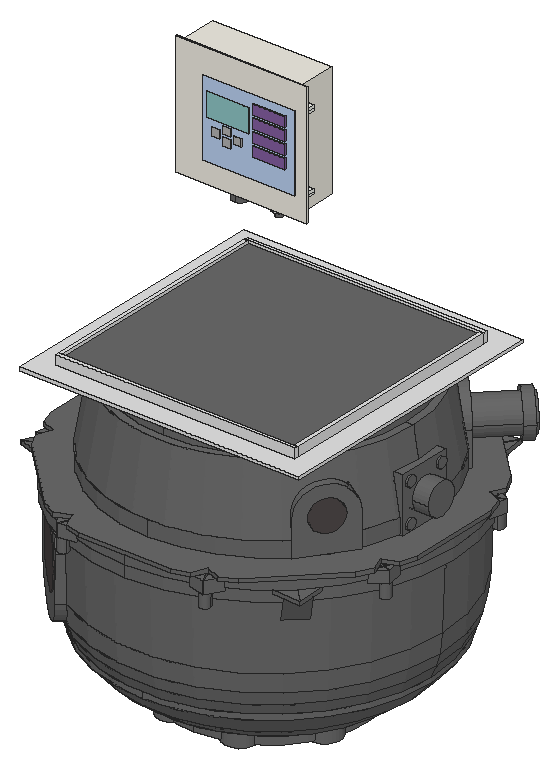
Revit family "280550s (200)", category Generic Models, Revit 2021
Family settings
  Can host rebar = No
  Round Connector Dimension = Use Diameter
  Part Type = Normal
  Work Plane-Based = No
  Always vertical = Yes
  Cut with Voids When Loaded = No
  Shared = Yes
  Room Calculation Point = No
Parameters (values of type "280550S")
  SUPPLIER = "KESSEL"
  SA700ID50 = "internal"
  SA700ID49 = "Protection Class I"
  SA700ID48 = "no"
  SA700ID47 = "no"
  SA700ID46 = "yes"
  SA700ID37 = 8000 mm
  SA700ID34 = 12
  SA700ID33 = 0.5 W
  SA700ID32 = 17.31 kg
  SA700ID31 = 1
  SA700ID30 = 1
  SA700ID29 = "RWDR"
  SA700ID21 = 800
  SA700ID10 = "No"
  SA700ID08 = 230 V
  PROCUREWEBLINK = "https://p.caden.as/kessel/280550S"
  PROCURELINK = "p.caden.as/kessel/280550S"
  PROCUREDATALASTUPDATE = "2024-05-22T12:17:25.082586226+01:00"
  PRC_SPECIFICATIONLINK = "https://ausschreiben.de/catalog/kessel/catalogItem/5d98f284-5297-4169-bd2e-c9a9cff749b9"
  NN = "Lifting station Aqualift S compact"
  NBSYN = "$SA810ID03. ($LODLEVEL.)"
  NB = "280550S (200)"
  Model = "280550S"
  Manufacturer = "KESSEL"
  MIdent = "{$CADENAS_DATA/23d-libs/kessel/kessel_vdi_import/4/entwaesserung/hebeanlage20aqualift20s20compact.prj},216 {STYP=ASS},{VTYP=3D},{NB=280550S (200)},{LINA=280550S},{NN=Lifting station Aqualift S compact},{DATE=21.11.2022 10:40:35},{GEOMDATE=21.11.2022 10:40:35},{VERSION=},{LINEID=120},{WBVAR=LODLEVEL},{WBNUMERIC=LODLEVEL}  {NB=280550S (200)},{LINA=280550S},{KT=DUMMY},{PREVIEW=../../bilder/ksb_w_280550s.png},{SA700ID04=Hebeanlage Aqualift S Compact, Tronic, GTF 500, Bodenplatte},{SA810ID06=04026092082645},{SA700ID34=12.00},{SA010ID03=201805},{SA810ID03=280550S},{SA810ID10=Die steckerfertige Hebeanlage für fäkalienfreies Abwasser ist mit einer überflutbaren Pumpe sowie einem Rückflussverhinderer ausgestattet. Der Sammelbehälter aus dauerhaft beständigem Kunststoff (PE) besitzt einen offenen Pumpenraum. Einhandverschlüsse ermöglichen die einfache Entnahme der integrierten Komponenten. Die Anlage zum Einbau in die Bodenplatte ist vormontiert zur bauseitigen Endmontage.Die Steuerung erfolgt durch ein anwenderfreundliches Schaltgerät, das optional über einen potentialfreien Kontakt in die Gebäudeleittechnik eingebunden werden oder Alarm- und Sammelstörmeldungen über eine GSM-Schnittstelle ausgeben kann.- mit teleskopischem Aufsatzstück für stufenlosen Höhen- und Niveauausgleich und integriertem Bodenablauf- Sammelbehälter aus PE, beständig gegen aggressive Abwässer und 3 m Grundwasser- inklusive Rückflussverhinderer für die Druckleitung- inklusive Stutzen für Zulauf und Kabelleerrohr- Pumpe mit Freistromrad für höchste BetriebssicherheitAusführung:Anlagenart: EinzelanlagePumpensteuerung: SchaltgerätRückflussverhinderer: integriertAuslieferungszustand: installationsfertig (Verbindungsteile sind bauseits anzuschließen)Einbausituation: Einbau in die BodenplatteAbwasserart: fäkalienfreiAllgemeine Merkmale:Farbe: schwarzNorm: EN 12050-2Abmessungen:Länge: 617 mmBreite: 585 mmBehälter/Grundkörper:Zulauf Nennweite (DN): 100 mmDruckabgang (DN): 32 mmDruckabgang (DA): 40 mmEinbautiefe: 490 - 620 mmNutzvolumen: 20 lArt der Höhenverstellbarkeit: teleskopisches AufsatzstückAbdeckungsmerkmale:Abdeckungsart: Abdeckplatte mit SchlitzrostAbdeckung Material: KunststoffAbdeckung Farbe: schwarzBelastungsklasse: K 3 (EN 1253-1)Länge: 366 mmBreite: 366 mmVerriegelung: Lock & LiftFreier Kugeldurchgang: 10 mmFördereinrichtung:Pumpe: GTF 500Anzahl Pumpen: 1Förderleistung max.: 10 m3/hFörderhöhe max.: 8 mBetriebsspannung: 230 VNetzfrequenz: 50 HzBetriebsart: S1Leistung P1: 0,6 kWLeistung P2: 0,36 kWDrehzahl: 2.800 U/minErforderliche Absicherung (Leitungsschutz): C 16 AFörderguttemperatur (dauerhaft) max.: 40 °CAnschlusstyp: codierter SteckerLaufrad Typ: FreistromradLänge Netzanschlussleitung Pumpe: 5 mNennstrom: 2,7 ASchutzart Pumpe: IP 68 (3m)Typ Anschlussleitung Pumpe: H07RN-F 3G 1,0 mm2Temperaturüberwachung: integriertSteuerung:Schaltgerät: ComfortBetriebsspannung: 230 VSelbstdiagnosesystem (SDS): jaBatteriepufferung: jaMehrzeilige Displayanzeige: jaLogbuchfunktion: jaUSB-Schnittstelle: jaGSM-Schnittstelle: jaPotentialfreier Kontakt: optionalSchutzart Schaltgerät: IP 54Länge Netzanschlussleitung Schaltgerät: 1,4 mArt Niveauerfassung: pneumatischInstrument Niveauerfassung: TauchrohrAlarmgeber: optische Sonde},{SA700ID37=8.00},{SA700ID33=0.50},{SA700ID08=230},{SA700ID30=1},{SA700ID32=17.31},{SA700ID49=Schutzklasse I},{SA700ID50=intern},{SA200ID03=6},{SA250ID03=vertikal},{SA260ID03=Trockenläuferpumpe},{SA350ID03=normalansaugend},{SA400ID03=E-Motor für Wechselstrom},{SA460ID03=direkt},{SA500ID03=Kunststoff, Edelstahl},{SA700ID06=32},{SA700ID07=100},{SA700ID09=1/N/PE 230V },{SA700ID10=Nein},{SA700ID11=50},{SA700ID12=IP 68},{SA700ID13=F},{SA700ID15=35},{SA700ID21=800.00},{SA700ID22=0.36},{SA700ID23=2800},{SA700ID24=2800},{SA700ID26=2.50},{SA700ID27=6.90},{SA700ID28=durchgehend},{SA700ID29=RWDR},{SA700ID31=1},{SA700ID46=ja},{SA700ID47=nein},{SA700ID48=nein},{SA110ID04=Hebeanlage Aqualift S Compact},{SA300ID03=einstufig},{SA700ID44=10.00},{SA700ID45=10.00},{SA010ID04=KESSEL AG},{LODLEVEL=200},{LINK=https://www.kessel.de/info?han=280550S},{SA970ID01=970},{SA970ID02=14061},{SA970ID03=280550S},{SA970ID04=11002617},{SA970ID05=QUAD},{SA970ID06=-326},{SA970ID07=-291.04},{SA970ID08=0},{SA970ID09=1},{SA970ID10=0},{SA970ID11=0},{SA970ID12=0},{SA970ID13=1},{SA970ID14=0},{SA970ID15=617.04},{SA970ID16=582.09},{SA970ID17=488.5},{LODLEVEL_=200,'Low'},{LODLEVEL_DEU=200,'Low'},{LINK_=https://www.kessel.de/info?han=280550S},{LINK_DEU=https://www.kessel.de/info?han=280550S},{LODLEVEL_3DB=280550S_200},{DNIN1=100},{DNIN2=125},{DNIN3=100},{DNIN4=100},{DNOUT1=70},{DNOUT2=32},{ISD1=60},{ISD2=10},{ISD3=10},{SA010ID01=010},{SA010ID02=4},{SA010ID06=www.kessel.de},{SA010ID07=www.kessel.de},{SA010ID12=20180713},{SA010ID13=DEU},{SA010ID14=DE},{SA100ID01=100},{SA100ID02=4},{SA100ID04=Entwässerung},{SA110ID01=110},{SA110ID02=30},{SA200ID01=200},{SA200ID02=6},{SA250ID01=250},{SA250ID02=2},{SA260ID01=260},{SA260ID02=2},{SA300ID01=300},{SA300ID02=1},{SA350ID01=350},{SA350ID02=1},{SA400ID01=400},{SA400ID02=1},{SA460ID01=460},{SA460ID02=1},{SA500ID01=500},{SA500ID02=1},{SA700ID01=700},{SA700ID02=194},{SA700ID10_=0},{SA700ID16=0},{SA700ID25=0},{SA700ID46_=1},{SA700ID47_=0},{SA700ID48_=0},{SA700ID49_=1},{SA700ID50_=2},{SA800ID01=800},{SA800ID02=9},{SA810ID01=810},{SA810ID02=194},{SA810ID04=280550S},{SA810ID07=194},{SA810ID09=1},{SA810ID14=PCE},{SA810ID15=1},{SA810ID16=NMP},{SA960ID03=194},{SA960ID04=3L},{SA960ID08=https://www.kessel.de/info?han=280550S},{SA010ID08=4026092000007},{SA100ID05=Hebeanlage},{SA110ID06=Hebeanlage}"
  LINK = "https://www.kessel.de/info?han=280550S"
  LINA = "280550S"
  Default Elevation = 0 mm
  CREATOR = "CADENAS GmbH"
  CATALOG = "KESSEL"
  BOMINFO = "LINA"
  ARTICLENO = "NB"
  4.810.00.9 Order quantity (multiplicator) = "1"
  4.810.00.7 Media- connection number = "194"
  4.810.00.6 GTIN number = "04026092082645"
  4.810.00.4 DATANORM number = "280550S"
  4.810.00.3 Producer order number = "280550S"
  4.710.03.7 Mass (net) = 17.31 kg
  4.710.03.6 Height = 490 mm
  4.710.03.5 Width = 580 mm
  4.710.03.4 Length = 620 mm
  4.710.03.3 Type of dimensions = "2"
  4.710.02.8 Area of application of wastewater pump = "2"
  4.710.02.6 Duty type = "S1"
  4.710.02.5 Cutting device = "0"
  4.710.02.4 Attached pump control = "1"
  4.710.02.3 Free passage = 10 mm
  4.710.01.6 Option to connect to building automation = "10"
  4.710.01.5 Load regulation = "0"
  4.710.01.4 Designation of closed-loop control = "20"
  4.700.00.9 Voltage = 0
  4.700.00.8 Nominal connection size on suction side = "100"
  4.700.00.7 Nominal connection size on pressure side = "100"
  4.700.00.6 Type of connection = "32"
  4.700.00.4 Product indentification = "Hebeanlage Aqualift S Compact, Tronic, GTF 500, Bodenplatte"
  4.700.00.28 Motor pump shaft = "durchgehend"
  4.700.00.27 Starting current = 6.9
  4.700.00.26 Maximum power consumption per pump / drive = 2.5
  4.700.00.25 Minimum speed at internal speed adjustment = 0
  4.700.00.24 Nominal speed / maximum speed n = 46.6667
  4.700.00.23 Nominal speed of motor = 46.6667
  4.700.00.22 Maximum shaft output (P2) per pump/drive = 0.36 W
  4.700.00.16 Maximum temperature of pumped medium = 0 °C
  4.700.00.15 Increased safety class = "35 °C"
  4.700.00.13 Type of protection = "F"
  4.700.00.12 Frequency = 0
  4.700.00.11 Stern-/Dreieck-Anlaufschaltung bei Dreiphasenanschluss oder Drehstrom = "50 Hz"
  4.700.00.10 Phase = "0"
  4.500.00.3 Variant / Variant type / Accessories-name = "Kunststoff, Edelstahl"
  4.460.00.3 Variant / Variant type / Accessories-name = "direkt"
  4.400.00.3 Variant / Variant type / Accessories-name = "E-Motor für Wechselstrom"
  4.350.00.3 Variant / Variant type / Accessories-name = "normalansaugend"
  4.300.00.3 Variant / Variant type / Accessories-name = "einstufig"
  4.260.00.3 Variant / Variant type / Accessories-name = "Trockenläuferpumpe"
  4.250.00.3 Variant / Variant type / Accessories-name = "vertikal"
  4.200.00.3 Variant / Variant type / Accessories-name = "6"
  4.110.00.6 Product classification = "Hebeanlage"
  4.110.00.4 Product indentification = "Hebeanlage Aqualift S Compact"
  4.100.00.5 Main groups of wares = "Hebeanlage"
  4.100.00.4 Product indentification = "Entwässerung"
  4.010.00.8 Producer ID number = "4026092000007"
  4.010.00.7 Comment = "www.kessel.de"
  4.010.00.6 Web address of the manufacturer = "www.kessel.de"
  4.010.00.4 Manufacturer name = "KESSEL AG"
  4.010.00.3 Date of issuance (month) of guideline = "201805"
  4.010.00.2 Sheet number of the guideline = "4"
  4.010.00.14 Kennungen der Projektländer, für die die Datei gültig ist = "DE"
  4.010.00.13 Sprache der Datei = "DEU"
  4.010.00.12 Stand des Herstellerkatalogs = "20180713"
Reference planes
  plane 1 "Center (Front/Back)": y = 0
  plane 2: z = 0
  plane 3 "Center (Left/Right)": x = 0
Forms (mm)
  Extrusion 1, void
    sketch origin (-161, 217, 518.2) x (0, 1, 0) y (-1, 0, 0)
      loop
        line (-0.5, -0.5) -> (0.5, -0.5) -> (0.5, 0.5) -> (-0.5, 0.5) -> (-0.5, -0.5)
    from 0 to 1
  Extrusion 2, void
    sketch origin (-197.283, 197.283, 209) x (-0.707107, -0.707107, 0) y (0, 0, -1)
      loop
        line (-0.5, -0.5) -> (0.5, -0.5) -> (0.5, 0.5) -> (-0.5, 0.5) -> (-0.5, -0.5)
    from 0 to 1
  Extrusion 3, void
    sketch origin (-197.283, -197.283, 209) x (0.707107, -0.707107, 0) y (0, 0, -1)
      loop
        line (-0.5, -0.5) -> (0.5, -0.5) -> (0.5, 0.5) -> (-0.5, 0.5) -> (-0.5, -0.5)
    from 0 to 1
  Extrusion 4, void
    sketch origin (-247, 0, 370) x (0, -1, 0) y (0, 0, -1)
      loop
        line (-0.5, -0.5) -> (0.5, -0.5) -> (0.5, 0.5) -> (-0.5, 0.5) -> (-0.5, -0.5)
    from 0 to 1
  Extrusion 5, void
    sketch origin (242.226, 228.084, 376) x (-0.707107, 0.707107, 0) y (0, 0, -1)
      loop
        line (-0.5, -0.5) -> (0.5, -0.5) -> (0.5, 0.5) -> (-0.5, 0.5) -> (-0.5, -0.5)
    from 0 to 1
  Extrusion 6, void
    sketch origin (242.226, 228.084, 364) x (-0.707107, 0.707107, 0) y (0, 0, -1)
      loop
        line (-0.5, -0.5) -> (0.5, -0.5) -> (0.5, 0.5) -> (-0.5, 0.5) -> (-0.5, -0.5)
    from 0 to 1
  Extrusion 7, void
    sketch origin (228.084, 242.226, 376) x (-0.707107, 0.707107, 0) y (0, 0, -1)
      loop
        line (-0.5, -0.5) -> (0.5, -0.5) -> (0.5, 0.5) -> (-0.5, 0.5) -> (-0.5, -0.5)
    from 0 to 1
  Extrusion 8, void
    sketch origin (228.084, 242.226, 364) x (-0.707107, 0.707107, 0) y (0, 0, -1)
      loop
        line (-0.5, -0.5) -> (0.5, -0.5) -> (0.5, 0.5) -> (-0.5, 0.5) -> (-0.5, -0.5)
    from 0 to 1
Dimensions and locks
  locked: plane 2 to Extrusion 1 at 519.2
  locked: plane 2 to Extrusion 1 at 518.2
  locked: plane 2 to Extrusion 2 at 208.5
  locked: plane 2 to Extrusion 2 at 209.5
  locked: plane 2 to Extrusion 3 at 208.5
  locked: plane 2 to Extrusion 3 at 209.5
  locked: plane 2 to Extrusion 4 at 369.5
  locked: plane 2 to Extrusion 4 at 370.5
  locked: plane 2 to Extrusion 5 at 375.5
  locked: plane 2 to Extrusion 5 at 376.5
  locked: plane 2 to Extrusion 6 at 363.5
  locked: plane 2 to Extrusion 6 at 364.5
  locked: plane 2 to Extrusion 7 at 375.5
  locked: plane 2 to Extrusion 7 at 376.5
  locked: plane 2 to Extrusion 8 at 363.5
  locked: plane 2 to Extrusion 8 at 364.5
  aligned and locked: level to plane 2
Nested families
  nested 1: "280550s (200)_content" at (0, 0, 0), type "280550S (200)_Content"
  nested 2: "280550s (200)_part1_X0Y0" at (-194, 244.5, 558), type "280550S_PART1_X0Y0"
  nested 3: "280550s (200)_part2_X0Y0" at (0, 0, 0), type "280550S_PART2_X0Y0"
Connectors
  electrical at (-257.5, 217, 524.5)
    settings: on nested 2, index 1, voltage 0 V, apparent load 0 VA, apparent load phase1 0 VA, apparent load phase2 0 VA, apparent load phase3 0 VA, power factor 1, load classification "Other", number of poles 1, system type 31, power factor state 1, is connector primary yes, connector utility no, sub classification motor no, connector description ""
  electrical at (-223, 217, 521)
    settings: on nested 2, index 2, voltage 0 V, apparent load 0 VA, apparent load phase1 0 VA, apparent load phase2 0 VA, apparent load phase3 0 VA, power factor 1, load classification "Other", number of poles 1, system type 31, power factor state 1, is connector primary no, connector utility no, sub classification motor no, connector description ""
  electrical at (-189, 217, 530.9)
    settings: on nested 2, index 3, voltage 0 V, apparent load 0 VA, apparent load phase1 0 VA, apparent load phase2 0 VA, apparent load phase3 0 VA, power factor 1, load classification "Other", number of poles 1, system type 31, power factor state 1, is connector primary no, connector utility no, sub classification motor no, connector description ""
  electrical at (-161, 217, 518.2)
    settings: on Extrusion 1, index 4, voltage 0 V, apparent load 0 VA, apparent load phase1 0 VA, apparent load phase2 0 VA, apparent load phase3 0 VA, power factor 1, load classification "Other", number of poles 1, system type 31, power factor state 1, is connector primary no, connector utility no, sub classification motor no, connector description ""
  electrical at (-136.5, 217, 557.2)
    settings: on nested 2, index 5, voltage 0 V, apparent load 0 VA, apparent load phase1 0 VA, apparent load phase2 0 VA, apparent load phase3 0 VA, power factor 1, load classification "Other", number of poles 1, system type 31, power factor state 1, is connector primary no, connector utility no, sub classification motor no, connector description ""
  electrical at (-114.5, 217, 557.2)
    settings: on nested 2, index 6, voltage 0 V, apparent load 0 VA, apparent load phase1 0 VA, apparent load phase2 0 VA, apparent load phase3 0 VA, power factor 1, load classification "Other", number of poles 1, system type 31, power factor state 1, is connector primary no, connector utility no, sub classification motor no, connector description ""
  piping at (-326, 0, 209), diameter 125
    settings: on nested 3, index 7, connector inside diameter 609.6 mm, connector length 0 mm, flow factor 0, pipe flow 0.0 L/s, pressure drop 0.0 Pa, fitting loss kfactor 0, connector angle 0.00°, fixture units 0, engagement length 0 mm, angle of deflection 0.00°, flow configuration 0, flow direction 1, fitting loss method 2, system type 29, joint type 0, gender type 0, connector reference index -1, connector utility 0, adjustable connector no, is connector primary yes, connector description ""
  piping at (-197.283, 197.283, 209), diameter 100
    settings: on Extrusion 2, index 8, connector inside diameter 609.6 mm, connector length 0 mm, flow factor 0, pipe flow 0.0 L/s, pressure drop 0.0 Pa, fitting loss kfactor 0, connector angle 0.00°, fixture units 0, engagement length 0 mm, angle of deflection 0.00°, flow configuration 0, flow direction 0, fitting loss method 2, system type 29, joint type 0, gender type 0, connector reference index -1, connector utility 0, adjustable connector no, is connector primary no, connector description ""
  piping at (-197.283, -197.283, 209), diameter 100
    settings: on Extrusion 3, index 9, connector inside diameter 609.6 mm, connector length 0 mm, flow factor 0, pipe flow 0.0 L/s, pressure drop 0.0 Pa, fitting loss kfactor 0, connector angle 0.00°, fixture units 0, engagement length 0 mm, angle of deflection 0.00°, flow configuration 0, flow direction 0, fitting loss method 2, system type 29, joint type 0, gender type 0, connector reference index -1, connector utility 0, adjustable connector no, is connector primary no, connector description ""
  piping at (-247, 0, 370), diameter 70
    settings: on Extrusion 4, index 10, connector inside diameter 609.6 mm, connector length 0 mm, flow factor 0, pipe flow 0.0 L/s, pressure drop 0.0 Pa, fitting loss kfactor 0, connector angle 0.00°, fixture units 0, engagement length 0 mm, angle of deflection 0.00°, flow configuration 0, flow direction 0, fitting loss method 2, system type 29, joint type 0, gender type 0, connector reference index -1, connector utility 0, adjustable connector no, is connector primary no, connector description ""
  piping at (272.5, -3, 363.25), diameter 32
    settings: on nested 3, index 11, connector inside diameter 609.6 mm, connector length 0 mm, flow factor 0, pipe flow 0.0 L/s, pressure drop 0.0 Pa, fitting loss kfactor 0, connector angle 0.00°, fixture units 0, engagement length 0 mm, angle of deflection 0.00°, flow configuration 0, flow direction 2, fitting loss method 2, system type 29, joint type 0, gender type 0, connector reference index -1, connector utility 0, adjustable connector no, is connector primary no, connector description ""
  electrical at (242.226, 228.084, 376)
    settings: on Extrusion 5, index 12, voltage 0 V, apparent load 0 VA, apparent load phase1 0 VA, apparent load phase2 0 VA, apparent load phase3 0 VA, power factor 1, load classification "Other", number of poles 1, system type 31, power factor state 1, is connector primary no, connector utility no, sub classification motor no, connector description ""
  electrical at (242.226, 228.084, 364)
    settings: on Extrusion 6, index 13, voltage 0 V, apparent load 0 VA, apparent load phase1 0 VA, apparent load phase2 0 VA, apparent load phase3 0 VA, power factor 1, load classification "Other", number of poles 1, system type 31, power factor state 1, is connector primary no, connector utility no, sub classification motor no, connector description ""
  electrical at (228.084, 242.226, 376)
    settings: on Extrusion 7, index 14, voltage 0 V, apparent load 0 VA, apparent load phase1 0 VA, apparent load phase2 0 VA, apparent load phase3 0 VA, power factor 1, load classification "Other", number of poles 1, system type 31, power factor state 1, is connector primary no, connector utility no, sub classification motor no, connector description ""
  electrical at (228.084, 242.226, 364)
    settings: on Extrusion 8, index 15, voltage 0 V, apparent load 0 VA, apparent load phase1 0 VA, apparent load phase2 0 VA, apparent load phase3 0 VA, power factor 1, load classification "Other", number of poles 1, system type 31, power factor state 1, is connector primary no, connector utility no, sub classification motor no, connector description ""
Definition of nested family "280550s (200)_part1_X0Y0"
  Parameters (values of type "280550S_PART1_X0Y0")
    SUPPLIER = "KESSEL"
    SA700ID50 = "internal"
    SA700ID49 = "Protection Class I"
    SA700ID48 = "no"
    SA700ID47 = "no"
    SA700ID46 = "yes"
    SA700ID37 = 8000 mm
    SA700ID34 = 12
    SA700ID33 = 0.5 W
    SA700ID32 = 17.31 kg
    SA700ID31 = 1
    SA700ID30 = 1
    SA700ID29 = "RWDR"
    SA700ID21 = 800
    SA700ID10 = "No"
    SA700ID08 = 230 V
    NBSYN = "$SA810ID03. ($LODLEVEL.)_PART1"
    NB = "280550S (200)_PART1"
    Model = "280550S_PART1"
    Manufacturer = "KESSEL"
    MIdent = "{$CADENAS_DATA/23d-libs/kessel/kessel_vdi_import/4/entwaesserung/hebeanlage20aqualift20s20compact.prj},236 {VTYP=3D},{NB=280550S (200)_PART1},{LINA=280550S_PART1},{NN=Lifting station Aqualift S compact_PART1},{NOPRJ=TRUE},{DATE=21.11.2022 10:40:35},{GEOMDATE=21.11.2022 10:40:35},{VERSION=},{LINEID=120},{WBVAR=LODLEVEL},{WBNUMERIC=LODLEVEL}  {NB=280550S (200)_PART1},{LINA=280550S_PART1},{KT=DUMMY},{PREVIEW=../../bilder/ksb_w_280550s.png},{SA700ID04=Hebeanlage Aqualift S Compact, Tronic, GTF 500, Bodenplatte},{SA810ID06=04026092082645},{SA700ID34=12.00},{SA010ID03=201805},{SA810ID03=280550S},{SA810ID10=Die steckerfertige Hebeanlage für fäkalienfreies Abwasser ist mit einer überflutbaren Pumpe sowie einem Rückflussverhinderer ausgestattet. Der Sammelbehälter aus dauerhaft beständigem Kunststoff (PE) besitzt einen offenen Pumpenraum. Einhandverschlüsse ermöglichen die einfache Entnahme der integrierten Komponenten. Die Anlage zum Einbau in die Bodenplatte ist vormontiert zur bauseitigen Endmontage.Die Steuerung erfolgt durch ein anwenderfreundliches Schaltgerät, das optional über einen potentialfreien Kontakt in die Gebäudeleittechnik eingebunden werden oder Alarm- und Sammelstörmeldungen über eine GSM-Schnittstelle ausgeben kann.- mit teleskopischem Aufsatzstück für stufenlosen Höhen- und Niveauausgleich und integriertem Bodenablauf- Sammelbehälter aus PE, beständig gegen aggressive Abwässer und 3 m Grundwasser- inklusive Rückflussverhinderer für die Druckleitung- inklusive Stutzen für Zulauf und Kabelleerrohr- Pumpe mit Freistromrad für höchste BetriebssicherheitAusführung:Anlagenart: EinzelanlagePumpensteuerung: SchaltgerätRückflussverhinderer: integriertAuslieferungszustand: installationsfertig (Verbindungsteile sind bauseits anzuschließen)Einbausituation: Einbau in die BodenplatteAbwasserart: fäkalienfreiAllgemeine Merkmale:Farbe: schwarzNorm: EN 12050-2Abmessungen:Länge: 617 mmBreite: 585 mmBehälter/Grundkörper:Zulauf Nennweite (DN): 100 mmDruckabgang (DN): 32 mmDruckabgang (DA): 40 mmEinbautiefe: 490 - 620 mmNutzvolumen: 20 lArt der Höhenverstellbarkeit: teleskopisches AufsatzstückAbdeckungsmerkmale:Abdeckungsart: Abdeckplatte mit SchlitzrostAbdeckung Material: KunststoffAbdeckung Farbe: schwarzBelastungsklasse: K 3 (EN 1253-1)Länge: 366 mmBreite: 366 mmVerriegelung: Lock & LiftFreier Kugeldurchgang: 10 mmFördereinrichtung:Pumpe: GTF 500Anzahl Pumpen: 1Förderleistung max.: 10 m3/hFörderhöhe max.: 8 mBetriebsspannung: 230 VNetzfrequenz: 50 HzBetriebsart: S1Leistung P1: 0,6 kWLeistung P2: 0,36 kWDrehzahl: 2.800 U/minErforderliche Absicherung (Leitungsschutz): C 16 AFörderguttemperatur (dauerhaft) max.: 40 °CAnschlusstyp: codierter SteckerLaufrad Typ: FreistromradLänge Netzanschlussleitung Pumpe: 5 mNennstrom: 2,7 ASchutzart Pumpe: IP 68 (3m)Typ Anschlussleitung Pumpe: H07RN-F 3G 1,0 mm2Temperaturüberwachung: integriertSteuerung:Schaltgerät: ComfortBetriebsspannung: 230 VSelbstdiagnosesystem (SDS): jaBatteriepufferung: jaMehrzeilige Displayanzeige: jaLogbuchfunktion: jaUSB-Schnittstelle: jaGSM-Schnittstelle: jaPotentialfreier Kontakt: optionalSchutzart Schaltgerät: IP 54Länge Netzanschlussleitung Schaltgerät: 1,4 mArt Niveauerfassung: pneumatischInstrument Niveauerfassung: TauchrohrAlarmgeber: optische Sonde},{SA700ID37=8.00},{SA700ID33=0.50},{SA700ID08=230},{SA700ID30=1},{SA700ID32=17.31},{SA700ID49=Schutzklasse I},{SA700ID50=intern},{SA200ID03=6},{SA250ID03=vertikal},{SA260ID03=Trockenläuferpumpe},{SA350ID03=normalansaugend},{SA400ID03=E-Motor für Wechselstrom},{SA460ID03=direkt},{SA500ID03=Kunststoff, Edelstahl},{SA700ID06=32},{SA700ID07=100},{SA700ID09=1/N/PE 230V },{SA700ID10=Nein},{SA700ID11=50},{SA700ID12=IP 68},{SA700ID13=F},{SA700ID15=35},{SA700ID21=800.00},{SA700ID22=0.36},{SA700ID23=2800},{SA700ID24=2800},{SA700ID26=2.50},{SA700ID27=6.90},{SA700ID28=durchgehend},{SA700ID29=RWDR},{SA700ID31=1},{SA700ID46=ja},{SA700ID47=nein},{SA700ID48=nein},{SA110ID04=Hebeanlage Aqualift S Compact},{SA300ID03=einstufig},{SA700ID44=10.00},{SA700ID45=10.00},{SA010ID04=KESSEL AG},{LODLEVEL=200},{LINK=https://www.kessel.de/info?han=280550S},{SA970ID01=970},{SA970ID02=14061},{SA970ID03=280550S},{SA970ID04=11002617},{SA970ID05=QUAD},{SA970ID06=-326},{SA970ID07=-291.04},{SA970ID08=0},{SA970ID09=1},{SA970ID10=0},{SA970ID11=0},{SA970ID12=0},{SA970ID13=1},{SA970ID14=0},{SA970ID15=617.04},{SA970ID16=582.09},{SA970ID17=488.5},{LODLEVEL_=200,'Low'},{LODLEVEL_DEU=200,'Low'},{LINK_=https://www.kessel.de/info?han=280550S},{LINK_DEU=https://www.kessel.de/info?han=280550S},{LODLEVEL_3DB=280550S_200},{DNIN1=100},{DNIN2=125},{DNIN3=100},{DNIN4=100},{DNOUT1=70},{DNOUT2=32},{ISD1=60},{ISD2=10},{ISD3=10},{SA010ID01=010},{SA010ID02=4},{SA010ID06=www.kessel.de},{SA010ID07=www.kessel.de},{SA010ID12=20180713},{SA010ID13=DEU},{SA010ID14=DE},{SA100ID01=100},{SA100ID02=4},{SA100ID04=Entwässerung},{SA110ID01=110},{SA110ID02=30},{SA200ID01=200},{SA200ID02=6},{SA250ID01=250},{SA250ID02=2},{SA260ID01=260},{SA260ID02=2},{SA300ID01=300},{SA300ID02=1},{SA350ID01=350},{SA350ID02=1},{SA400ID01=400},{SA400ID02=1},{SA460ID01=460},{SA460ID02=1},{SA500ID01=500},{SA500ID02=1},{SA700ID01=700},{SA700ID02=194},{SA700ID10_=0},{SA700ID16=0},{SA700ID25=0},{SA700ID46_=1},{SA700ID47_=0},{SA700ID48_=0},{SA700ID49_=1},{SA700ID50_=2},{SA800ID01=800},{SA800ID02=9},{SA810ID01=810},{SA810ID02=194},{SA810ID04=280550S},{SA810ID07=194},{SA810ID09=1},{SA810ID14=PCE},{SA810ID15=1},{SA810ID16=NMP},{SA960ID03=194},{SA960ID04=3L},{SA960ID08=https://www.kessel.de/info?han=280550S},{SA010ID08=4026092000007},{SA100ID05=Hebeanlage},{SA110ID06=Hebeanlage}"
    LINK = "https://www.kessel.de/info?han=280550S"
    LINA = "280550S_PART1"
    Default Elevation = 1219.2 mm
    CREATOR = "CADENAS GmbH"
    CATALOG = "KESSEL"
    BOMINFO = "LINA"
    ARTICLENO = "NB"
    4.810.00.9 Order quantity (multiplicator) = "1"
    4.810.00.7 Media- connection number = "194"
    4.810.00.6 GTIN number = "04026092082645"
    4.810.00.4 DATANORM number = "280550S"
    4.810.00.3 Producer order number = "280550S"
    4.710.03.7 Mass (net) = 17.31 kg
    4.710.03.6 Height = 490 mm
    4.710.03.5 Width = 580 mm
    4.710.03.4 Length = 620 mm
    4.710.03.3 Type of dimensions = "2"
    4.710.02.8 Area of application of wastewater pump = "2"
    4.710.02.6 Duty type = "S1"
    4.710.02.5 Cutting device = "0"
    4.710.02.4 Attached pump control = "1"
    4.710.02.3 Free passage = 10 mm
    4.710.01.6 Option to connect to building automation = "10"
    4.710.01.5 Load regulation = "0"
    4.710.01.4 Designation of closed-loop control = "20"
    4.700.00.9 Voltage = 0
    4.700.00.8 Nominal connection size on suction side = "100"
    4.700.00.7 Nominal connection size on pressure side = "100"
    4.700.00.6 Type of connection = "32"
    4.700.00.4 Product indentification = "Hebeanlage Aqualift S Compact, Tronic, GTF 500, Bodenplatte"
    4.700.00.28 Motor pump shaft = "durchgehend"
    4.700.00.27 Starting current = 6.9
    4.700.00.26 Maximum power consumption per pump / drive = 2.5
    4.700.00.25 Minimum speed at internal speed adjustment = 0
    4.700.00.24 Nominal speed / maximum speed n = 46.6667
    4.700.00.23 Nominal speed of motor = 46.6667
    4.700.00.22 Maximum shaft output (P2) per pump/drive = 0.36 W
    4.700.00.16 Maximum temperature of pumped medium = 0 °C
    4.700.00.15 Increased safety class = "35 °C"
    4.700.00.13 Type of protection = "F"
    4.700.00.12 Frequency = 0
    4.700.00.11 Stern-/Dreieck-Anlaufschaltung bei Dreiphasenanschluss oder Drehstrom = "50 Hz"
    4.700.00.10 Phase = "0"
    4.500.00.3 Variant / Variant type / Accessories-name = "Kunststoff, Edelstahl"
    4.460.00.3 Variant / Variant type / Accessories-name = "direkt"
    4.400.00.3 Variant / Variant type / Accessories-name = "E-Motor für Wechselstrom"
    4.350.00.3 Variant / Variant type / Accessories-name = "normalansaugend"
    4.300.00.3 Variant / Variant type / Accessories-name = "einstufig"
    4.260.00.3 Variant / Variant type / Accessories-name = "Trockenläuferpumpe"
    4.250.00.3 Variant / Variant type / Accessories-name = "vertikal"
    4.200.00.3 Variant / Variant type / Accessories-name = "6"
    4.110.00.6 Product classification = "Hebeanlage"
    4.110.00.4 Product indentification = "Hebeanlage Aqualift S Compact"
    4.100.00.5 Main groups of wares = "Hebeanlage"
    4.100.00.4 Product indentification = "Entwässerung"
    4.010.00.8 Producer ID number = "4026092000007"
    4.010.00.7 Comment = "www.kessel.de"
    4.010.00.6 Web address of the manufacturer = "www.kessel.de"
    4.010.00.4 Manufacturer name = "KESSEL AG"
    4.010.00.3 Date of issuance (month) of guideline = "201805"
    4.010.00.2 Sheet number of the guideline = "4"
    4.010.00.14 Kennungen der Projektländer, für die die Datei gültig ist = "DE"
    4.010.00.13 Sprache der Datei = "DEU"
    4.010.00.12 Stand des Herstellerkatalogs = "20180713"
  Reference planes
    plane 1 "Center (Front/Back)": y = 0
    plane 2: z = 0
    plane 3 "Center (Left/Right)": x = 0
  Dimensions and locks
    aligned and locked: level to plane 2
  Nested families
    nested 1: "280550s (200)_part1_content" at (0, 0, 0), type "280550S (200)_PART1_Content"
  Definition of nested family "280550s (200)_part1_content"
    Parameters (values of type "280550S (200)_PART1_Content")
      SUPPLIER = "KESSEL"
      SA700ID50 = "internal"
      SA700ID49 = "Protection Class I"
      SA700ID48 = "no"
      SA700ID47 = "no"
      SA700ID46 = "yes"
      SA700ID37 = 8000 mm
      SA700ID34 = 12
      SA700ID33 = 0.5 W
      SA700ID32 = 17.31 kg
      SA700ID31 = 1
      SA700ID30 = 1
      SA700ID29 = "RWDR"
      SA700ID21 = 800
      SA700ID10 = "No"
      SA700ID08 = 230 V
      NBSYN = "$SA810ID03. ($LODLEVEL.)_PART1"
      NB = "280550S (200)_PART1"
      Model = "280550S_PART1"
      Manufacturer = "KESSEL"
      LINK = "https://www.kessel.de/info?han=280550S"
      LINA = "280550S_PART1"
      Default Elevation = 1219.2 mm
      CREATOR = "CADENAS GmbH"
      CATALOG = "KESSEL"
      BOMINFO = "LINA"
      ARTICLENO = "NB"
      4.810.00.9 Order quantity (multiplicator) = "1"
      4.810.00.7 Media- connection number = "194"
      4.810.00.6 GTIN number = "04026092082645"
      4.810.00.4 DATANORM number = "280550S"
      4.810.00.3 Producer order number = "280550S"
      4.710.03.7 Mass (net) = 17.31 kg
      4.710.03.6 Height = 490 mm
      4.710.03.5 Width = 580 mm
      4.710.03.4 Length = 620 mm
      4.710.03.3 Type of dimensions = "2"
      4.710.02.8 Area of application of wastewater pump = "2"
      4.710.02.6 Duty type = "S1"
      4.710.02.5 Cutting device = "0"
      4.710.02.4 Attached pump control = "1"
      4.710.02.3 Free passage = 10 mm
      4.710.01.6 Option to connect to building automation = "10"
      4.710.01.5 Load regulation = "0"
      4.710.01.4 Designation of closed-loop control = "20"
      4.700.00.9 Voltage = 0
      4.700.00.8 Nominal connection size on suction side = "100"
      4.700.00.7 Nominal connection size on pressure side = "100"
      4.700.00.6 Type of connection = "32"
      4.700.00.4 Product indentification = "Hebeanlage Aqualift S Compact, Tronic, GTF 500, Bodenplatte"
      4.700.00.28 Motor pump shaft = "durchgehend"
      4.700.00.27 Starting current = 6.9
      4.700.00.26 Maximum power consumption per pump / drive = 2.5
      4.700.00.25 Minimum speed at internal speed adjustment = 0
      4.700.00.24 Nominal speed / maximum speed n = 46.6667
      4.700.00.23 Nominal speed of motor = 46.6667
      4.700.00.22 Maximum shaft output (P2) per pump/drive = 0.36 W
      4.700.00.16 Maximum temperature of pumped medium = 0 °C
      4.700.00.15 Increased safety class = "35 °C"
      4.700.00.13 Type of protection = "F"
      4.700.00.12 Frequency = 0
      4.700.00.11 Stern-/Dreieck-Anlaufschaltung bei Dreiphasenanschluss oder Drehstrom = "50 Hz"
      4.700.00.10 Phase = "0"
      4.500.00.3 Variant / Variant type / Accessories-name = "Kunststoff, Edelstahl"
      4.460.00.3 Variant / Variant type / Accessories-name = "direkt"
      4.400.00.3 Variant / Variant type / Accessories-name = "E-Motor für Wechselstrom"
      4.350.00.3 Variant / Variant type / Accessories-name = "normalansaugend"
      4.300.00.3 Variant / Variant type / Accessories-name = "einstufig"
      4.260.00.3 Variant / Variant type / Accessories-name = "Trockenläuferpumpe"
      4.250.00.3 Variant / Variant type / Accessories-name = "vertikal"
      4.200.00.3 Variant / Variant type / Accessories-name = "6"
      4.110.00.6 Product classification = "Hebeanlage"
      4.110.00.4 Product indentification = "Hebeanlage Aqualift S Compact"
      4.100.00.5 Main groups of wares = "Hebeanlage"
      4.100.00.4 Product indentification = "Entwässerung"
      4.010.00.8 Producer ID number = "4026092000007"
      4.010.00.7 Comment = "www.kessel.de"
      4.010.00.6 Web address of the manufacturer = "www.kessel.de"
      4.010.00.4 Manufacturer name = "KESSEL AG"
      4.010.00.3 Date of issuance (month) of guideline = "201805"
      4.010.00.2 Sheet number of the guideline = "4"
      4.010.00.14 Kennungen der Projektländer, für die die Datei gültig ist = "DE"
      4.010.00.13 Sprache der Datei = "DEU"
      4.010.00.12 Stand des Herstellerkatalogs = "20180713"
    Reference planes
      plane 1 "Center (Front/Back)": y = 0
      plane 2: z = 0
      plane 3 "Center (Left/Right)": x = 0
    Forms (mm)
      Extrusion 1, solid, detail levels medium+fine
        sketch origin (94.5, 0, 0) x (0, -1, 0) y (0, 0, 1)
          loop
            line (0, 181) -> (0, 0) -> (66, 0) -> (66, 181) -> (0, 181)
        from 0 to 189
      Extrusion 2, solid, detail levels medium+fine
        sketch origin (108.5, -66, -7) x (0, -1, 0) y (0, 0, 1)
          loop
            line (0, 194) -> (0, 0) -> (2, 0) -> (2, 194) -> (0, 194)
        from 0 to 208
      Extrusion 3, solid, detail levels medium+fine
        sketch origin (90, -68, 26.5) x (0, -1, 0) y (0, 0, 1)
          loop
            line (-1.25, 120) -> (-1.25, 0) -> (0.25, 0) -> (0.25, 120) -> (-1.25, 120)
        from 0 to 146
      Extrusion 4, solid, detail levels medium+fine
        sketch origin (5.5, -68.25, 66) x (0, -1, 0) y (0, 0, 1)
          loop
            line (-1, 12) -> (-1, 0) -> (0.5, 0) -> (0.5, 12) -> (-1, 12)
        from 0 to 12
      Extrusion 5, solid, detail levels medium+fine
        sketch origin (76.25, -68.25, 79) x (0, -1, 0) y (0, 0, 1)
          loop
            line (0, 16) -> (0, 0) -> (1.75, 0) -> (1.75, 16) -> (0, 16)
        from 0 to 51
      Extrusion 6, solid, detail levels medium+fine
        sketch origin (-11.75, -68.25, 74) x (0, -1, 0) y (0, 0, 1)
          loop
            line (-1, 12) -> (-1, 0) -> (0.5, 0) -> (0.5, 12) -> (-1, 12)
        from 0 to 12
      Extrusion 7, solid, detail levels medium+fine
        sketch origin (76.25, -68.25, 59) x (0, -1, 0) y (0, 0, 1)
          loop
            line (0, 16) -> (0, 0) -> (1.75, 0) -> (1.75, 16) -> (0, 16)
        from 0 to 51
      Extrusion 8, solid, detail levels medium+fine
        sketch origin (17.4, -68.25, 89.5) x (0, -1, 0) y (0, 0, 1)
          loop
            line (-1, 37) -> (-1, 0) -> (0.5, 0) -> (0.5, 37) -> (-1, 37)
        from 0 to 66
      Extrusion 9, solid, detail levels medium+fine
        sketch origin (76.25, -68.25, 99) x (0, -1, 0) y (0, 0, 1)
          loop
            line (0, 16) -> (0, 0) -> (1.75, 0) -> (1.75, 16) -> (0, 16)
        from 0 to 51
      Extrusion 10, solid, detail levels medium+fine
        sketch origin (-11.75, -68.25, 57.5) x (0, -1, 0) y (0, 0, 1)
          loop
            line (-1, 12) -> (-1, 0) -> (0.5, 0) -> (0.5, 12) -> (-1, 12)
        from 0 to 12
      Extrusion 11, solid, detail levels medium+fine
        sketch origin (76.25, -68.25, 119) x (0, -1, 0) y (0, 0, 1)
          loop
            line (0, 16) -> (0, 0) -> (1.75, 0) -> (1.75, 16) -> (0, 16)
        from 0 to 51
      Extrusion 12, solid, detail levels medium+fine
        sketch origin (-29, -68.25, 66) x (0, -1, 0) y (0, 0, 1)
          loop
            line (-1, 12) -> (-1, 0) -> (0.5, 0) -> (0.5, 12) -> (-1, 12)
        from 0 to 12
      Extrusion 13, solid, detail levels medium+fine
        sketch origin (5, -27.5, 0) x (1, 0, 0) y (0, -1, 0)
          loop
            circle (0, 0) r 11
        from 0 to 17.3
      Extrusion 14, solid, detail levels medium+fine
        sketch origin (5, -27.5, -16.3) x (1, 0, 0) y (0, -1, 0)
          loop
            circle (0, 0) r 8.65
        from 0 to 10.8
      Extrusion 15, solid, detail levels medium+fine
        sketch origin (-29, -27.5, 0) x (1, 0, 0) y (0, -1, 0)
          loop
            circle (0, 0) r 11.4
        from 0 to 9
      Extrusion 16, solid, detail levels medium+fine
        sketch origin (-29, -27.5, -9) x (1, 0, 0) y (0, -1, 0)
          loop
            circle (0, 0) r 11.75
        from 0 to 28
      Extrusion 17, solid, detail levels medium+fine
        sketch origin (33, -27.5, 0) x (1, 0, 0) y (0, -1, 0)
          loop
            circle (0, 0) r 11
        from 0 to 11
      Extrusion 18, solid, detail levels medium+fine
        sketch origin (33, -27.5, -11) x (1, 0, 0) y (0, -1, 0)
          loop
            circle (0, 0) r 11
        from 0 to 19.8
      Extrusion 19, solid, detail levels medium+fine
        sketch origin (33, -27.5, -29.8) x (1, 0, 0) y (0, -1, 0)
          loop
            circle (0, 0) r 6
        from 0 to 9
      Extrusion 20, solid, detail levels medium+fine
        sketch origin (57.5, -27.5, 2) x (1, 0, 0) y (0, -1, 0)
          loop
            circle (0, 0) r 10
        from 0 to 2.8
      Extrusion 21, solid, detail levels medium+fine
        sketch origin (106.5, -50, 145) x (0, -1, 0) y (0, 0, 1)
          loop
            line (0, 4) -> (0, 0) -> (16, 0) -> (16, 4) -> (0, 4)
        from 0 to 12
      Extrusion 22, solid, detail levels medium+fine
        sketch origin (106.5, -50, 149) x (0, -1, 0) y (0, 0, 1)
          loop
            line (0, 4) -> (0, 0) -> (12, 0) -> (12, 4) -> (0, 4)
        from 0 to 16
      Extrusion 23, solid, detail levels medium+fine
        sketch origin (106.5, -50, 26) x (0, -1, 0) y (0, 0, 1)
          loop
            line (0, 4) -> (0, 0) -> (16, 0) -> (16, 4) -> (0, 4)
        from 0 to 12
      Extrusion 24, solid, detail levels medium+fine
        sketch origin (106.5, -50, 30) x (0, -1, 0) y (0, 0, 1)
          loop
            line (0, 4) -> (0, 0) -> (12, 0) -> (12, 4) -> (0, 4)
        from 0 to 16
      Extrusion 25, solid, detail levels medium+fine
        sketch origin (-63.5, -27.5, 0) x (1, 0, 0) y (0, -1, 0)
          loop
            circle (0, 0) r 11
        from 0 to 23.5
      Extrusion 26, solid, detail levels medium+fine
        sketch origin (-63.5, -27.5, -23.5) x (1, 0, 0) y (0, -1, 0)
          loop
            circle (0, 0) r 3
        from 0 to 10
      Extrusion 27, solid, detail levels medium+fine
        sketch origin (79.5, -27.5, 2) x (1, 0, 0) y (0, -1, 0)
          loop
            circle (0, 0) r 10
        from 0 to 2.8
      Extrusion 28, solid, detail levels coarse
        sketch origin (4.5, -35, -38.8) x (1, 0, 0) y (0, 1, 0)
          loop
            line (-104, -35) -> (104, -35) -> (104, 35) -> (-104, 35) -> (-104, -35)
        from 0 to 225.8
    Dimensions and locks
      aligned and locked: level to plane 2
Definition of nested family "280550s (200)_part2_X0Y0"
  Parameters (values of type "280550S_PART2_X0Y0")
    SUPPLIER = "KESSEL"
    SA700ID50 = "internal"
    SA700ID49 = "Protection Class I"
    SA700ID48 = "no"
    SA700ID47 = "no"
    SA700ID46 = "yes"
    SA700ID37 = 8000 mm
    SA700ID34 = 12
    SA700ID33 = 0.5 W
    SA700ID32 = 17.31 kg
    SA700ID31 = 1
    SA700ID30 = 1
    SA700ID29 = "RWDR"
    SA700ID21 = 800
    SA700ID10 = "No"
    SA700ID08 = 230 V
    NBSYN = "$SA810ID03. ($LODLEVEL.)_PART2"
    NB = "280550S (200)_PART2"
    Model = "280550S_PART2"
    Manufacturer = "KESSEL"
    MIdent = "{$CADENAS_DATA/23d-libs/kessel/kessel_vdi_import/4/entwaesserung/hebeanlage20aqualift20s20compact.prj},236 {VTYP=3D},{NB=280550S (200)_PART2},{LINA=280550S_PART2},{NN=Lifting station Aqualift S compact_PART2},{NOPRJ=TRUE},{DATE=21.11.2022 10:40:35},{GEOMDATE=21.11.2022 10:40:35},{VERSION=},{LINEID=120},{WBVAR=LODLEVEL},{WBNUMERIC=LODLEVEL}  {NB=280550S (200)_PART2},{LINA=280550S_PART2},{KT=DUMMY},{PREVIEW=../../bilder/ksb_w_280550s.png},{SA700ID04=Hebeanlage Aqualift S Compact, Tronic, GTF 500, Bodenplatte},{SA810ID06=04026092082645},{SA700ID34=12.00},{SA010ID03=201805},{SA810ID03=280550S},{SA810ID10=Die steckerfertige Hebeanlage für fäkalienfreies Abwasser ist mit einer überflutbaren Pumpe sowie einem Rückflussverhinderer ausgestattet. Der Sammelbehälter aus dauerhaft beständigem Kunststoff (PE) besitzt einen offenen Pumpenraum. Einhandverschlüsse ermöglichen die einfache Entnahme der integrierten Komponenten. Die Anlage zum Einbau in die Bodenplatte ist vormontiert zur bauseitigen Endmontage.Die Steuerung erfolgt durch ein anwenderfreundliches Schaltgerät, das optional über einen potentialfreien Kontakt in die Gebäudeleittechnik eingebunden werden oder Alarm- und Sammelstörmeldungen über eine GSM-Schnittstelle ausgeben kann.- mit teleskopischem Aufsatzstück für stufenlosen Höhen- und Niveauausgleich und integriertem Bodenablauf- Sammelbehälter aus PE, beständig gegen aggressive Abwässer und 3 m Grundwasser- inklusive Rückflussverhinderer für die Druckleitung- inklusive Stutzen für Zulauf und Kabelleerrohr- Pumpe mit Freistromrad für höchste BetriebssicherheitAusführung:Anlagenart: EinzelanlagePumpensteuerung: SchaltgerätRückflussverhinderer: integriertAuslieferungszustand: installationsfertig (Verbindungsteile sind bauseits anzuschließen)Einbausituation: Einbau in die BodenplatteAbwasserart: fäkalienfreiAllgemeine Merkmale:Farbe: schwarzNorm: EN 12050-2Abmessungen:Länge: 617 mmBreite: 585 mmBehälter/Grundkörper:Zulauf Nennweite (DN): 100 mmDruckabgang (DN): 32 mmDruckabgang (DA): 40 mmEinbautiefe: 490 - 620 mmNutzvolumen: 20 lArt der Höhenverstellbarkeit: teleskopisches AufsatzstückAbdeckungsmerkmale:Abdeckungsart: Abdeckplatte mit SchlitzrostAbdeckung Material: KunststoffAbdeckung Farbe: schwarzBelastungsklasse: K 3 (EN 1253-1)Länge: 366 mmBreite: 366 mmVerriegelung: Lock & LiftFreier Kugeldurchgang: 10 mmFördereinrichtung:Pumpe: GTF 500Anzahl Pumpen: 1Förderleistung max.: 10 m3/hFörderhöhe max.: 8 mBetriebsspannung: 230 VNetzfrequenz: 50 HzBetriebsart: S1Leistung P1: 0,6 kWLeistung P2: 0,36 kWDrehzahl: 2.800 U/minErforderliche Absicherung (Leitungsschutz): C 16 AFörderguttemperatur (dauerhaft) max.: 40 °CAnschlusstyp: codierter SteckerLaufrad Typ: FreistromradLänge Netzanschlussleitung Pumpe: 5 mNennstrom: 2,7 ASchutzart Pumpe: IP 68 (3m)Typ Anschlussleitung Pumpe: H07RN-F 3G 1,0 mm2Temperaturüberwachung: integriertSteuerung:Schaltgerät: ComfortBetriebsspannung: 230 VSelbstdiagnosesystem (SDS): jaBatteriepufferung: jaMehrzeilige Displayanzeige: jaLogbuchfunktion: jaUSB-Schnittstelle: jaGSM-Schnittstelle: jaPotentialfreier Kontakt: optionalSchutzart Schaltgerät: IP 54Länge Netzanschlussleitung Schaltgerät: 1,4 mArt Niveauerfassung: pneumatischInstrument Niveauerfassung: TauchrohrAlarmgeber: optische Sonde},{SA700ID37=8.00},{SA700ID33=0.50},{SA700ID08=230},{SA700ID30=1},{SA700ID32=17.31},{SA700ID49=Schutzklasse I},{SA700ID50=intern},{SA200ID03=6},{SA250ID03=vertikal},{SA260ID03=Trockenläuferpumpe},{SA350ID03=normalansaugend},{SA400ID03=E-Motor für Wechselstrom},{SA460ID03=direkt},{SA500ID03=Kunststoff, Edelstahl},{SA700ID06=32},{SA700ID07=100},{SA700ID09=1/N/PE 230V },{SA700ID10=Nein},{SA700ID11=50},{SA700ID12=IP 68},{SA700ID13=F},{SA700ID15=35},{SA700ID21=800.00},{SA700ID22=0.36},{SA700ID23=2800},{SA700ID24=2800},{SA700ID26=2.50},{SA700ID27=6.90},{SA700ID28=durchgehend},{SA700ID29=RWDR},{SA700ID31=1},{SA700ID46=ja},{SA700ID47=nein},{SA700ID48=nein},{SA110ID04=Hebeanlage Aqualift S Compact},{SA300ID03=einstufig},{SA700ID44=10.00},{SA700ID45=10.00},{SA010ID04=KESSEL AG},{LODLEVEL=200},{LINK=https://www.kessel.de/info?han=280550S},{SA970ID01=970},{SA970ID02=14061},{SA970ID03=280550S},{SA970ID04=11002617},{SA970ID05=QUAD},{SA970ID06=-326},{SA970ID07=-291.04},{SA970ID08=0},{SA970ID09=1},{SA970ID10=0},{SA970ID11=0},{SA970ID12=0},{SA970ID13=1},{SA970ID14=0},{SA970ID15=617.04},{SA970ID16=582.09},{SA970ID17=488.5},{LODLEVEL_=200,'Low'},{LODLEVEL_DEU=200,'Low'},{LINK_=https://www.kessel.de/info?han=280550S},{LINK_DEU=https://www.kessel.de/info?han=280550S},{LODLEVEL_3DB=280550S_200},{DNIN1=100},{DNIN2=125},{DNIN3=100},{DNIN4=100},{DNOUT1=70},{DNOUT2=32},{ISD1=60},{ISD2=10},{ISD3=10},{SA010ID01=010},{SA010ID02=4},{SA010ID06=www.kessel.de},{SA010ID07=www.kessel.de},{SA010ID12=20180713},{SA010ID13=DEU},{SA010ID14=DE},{SA100ID01=100},{SA100ID02=4},{SA100ID04=Entwässerung},{SA110ID01=110},{SA110ID02=30},{SA200ID01=200},{SA200ID02=6},{SA250ID01=250},{SA250ID02=2},{SA260ID01=260},{SA260ID02=2},{SA300ID01=300},{SA300ID02=1},{SA350ID01=350},{SA350ID02=1},{SA400ID01=400},{SA400ID02=1},{SA460ID01=460},{SA460ID02=1},{SA500ID01=500},{SA500ID02=1},{SA700ID01=700},{SA700ID02=194},{SA700ID10_=0},{SA700ID16=0},{SA700ID25=0},{SA700ID46_=1},{SA700ID47_=0},{SA700ID48_=0},{SA700ID49_=1},{SA700ID50_=2},{SA800ID01=800},{SA800ID02=9},{SA810ID01=810},{SA810ID02=194},{SA810ID04=280550S},{SA810ID07=194},{SA810ID09=1},{SA810ID14=PCE},{SA810ID15=1},{SA810ID16=NMP},{SA960ID03=194},{SA960ID04=3L},{SA960ID08=https://www.kessel.de/info?han=280550S},{SA010ID08=4026092000007},{SA100ID05=Hebeanlage},{SA110ID06=Hebeanlage}"
    LINK = "https://www.kessel.de/info?han=280550S"
    LINA = "280550S_PART2"
    Default Elevation = 1219.2 mm
    CREATOR = "CADENAS GmbH"
    CATALOG = "KESSEL"
    BOMINFO = "LINA"
    ARTICLENO = "NB"
    4.810.00.9 Order quantity (multiplicator) = "1"
    4.810.00.7 Media- connection number = "194"
    4.810.00.6 GTIN number = "04026092082645"
    4.810.00.4 DATANORM number = "280550S"
    4.810.00.3 Producer order number = "280550S"
    4.710.03.7 Mass (net) = 17.31 kg
    4.710.03.6 Height = 490 mm
    4.710.03.5 Width = 580 mm
    4.710.03.4 Length = 620 mm
    4.710.03.3 Type of dimensions = "2"
    4.710.02.8 Area of application of wastewater pump = "2"
    4.710.02.6 Duty type = "S1"
    4.710.02.5 Cutting device = "0"
    4.710.02.4 Attached pump control = "1"
    4.710.02.3 Free passage = 10 mm
    4.710.01.6 Option to connect to building automation = "10"
    4.710.01.5 Load regulation = "0"
    4.710.01.4 Designation of closed-loop control = "20"
    4.700.00.9 Voltage = 0
    4.700.00.8 Nominal connection size on suction side = "100"
    4.700.00.7 Nominal connection size on pressure side = "100"
    4.700.00.6 Type of connection = "32"
    4.700.00.4 Product indentification = "Hebeanlage Aqualift S Compact, Tronic, GTF 500, Bodenplatte"
    4.700.00.28 Motor pump shaft = "durchgehend"
    4.700.00.27 Starting current = 6.9
    4.700.00.26 Maximum power consumption per pump / drive = 2.5
    4.700.00.25 Minimum speed at internal speed adjustment = 0
    4.700.00.24 Nominal speed / maximum speed n = 46.6667
    4.700.00.23 Nominal speed of motor = 46.6667
    4.700.00.22 Maximum shaft output (P2) per pump/drive = 0.36 W
    4.700.00.16 Maximum temperature of pumped medium = 0 °C
    4.700.00.15 Increased safety class = "35 °C"
    4.700.00.13 Type of protection = "F"
    4.700.00.12 Frequency = 0
    4.700.00.11 Stern-/Dreieck-Anlaufschaltung bei Dreiphasenanschluss oder Drehstrom = "50 Hz"
    4.700.00.10 Phase = "0"
    4.500.00.3 Variant / Variant type / Accessories-name = "Kunststoff, Edelstahl"
    4.460.00.3 Variant / Variant type / Accessories-name = "direkt"
    4.400.00.3 Variant / Variant type / Accessories-name = "E-Motor für Wechselstrom"
    4.350.00.3 Variant / Variant type / Accessories-name = "normalansaugend"
    4.300.00.3 Variant / Variant type / Accessories-name = "einstufig"
    4.260.00.3 Variant / Variant type / Accessories-name = "Trockenläuferpumpe"
    4.250.00.3 Variant / Variant type / Accessories-name = "vertikal"
    4.200.00.3 Variant / Variant type / Accessories-name = "6"
    4.110.00.6 Product classification = "Hebeanlage"
    4.110.00.4 Product indentification = "Hebeanlage Aqualift S Compact"
    4.100.00.5 Main groups of wares = "Hebeanlage"
    4.100.00.4 Product indentification = "Entwässerung"
    4.010.00.8 Producer ID number = "4026092000007"
    4.010.00.7 Comment = "www.kessel.de"
    4.010.00.6 Web address of the manufacturer = "www.kessel.de"
    4.010.00.4 Manufacturer name = "KESSEL AG"
    4.010.00.3 Date of issuance (month) of guideline = "201805"
    4.010.00.2 Sheet number of the guideline = "4"
    4.010.00.14 Kennungen der Projektländer, für die die Datei gültig ist = "DE"
    4.010.00.13 Sprache der Datei = "DEU"
    4.010.00.12 Stand des Herstellerkatalogs = "20180713"
  Reference planes
    plane 1 "Center (Front/Back)": y = 0
    plane 2: z = 0
    plane 3 "Center (Left/Right)": x = 0
  Dimensions and locks
    aligned and locked: level to plane 2
  Nested families
    nested 1: "280550s (200)_part2_content" at (0, 0, 0), type "280550S (200)_PART2_Content"
  Definition of nested family "280550s (200)_part2_content"
    Parameters (values of type "280550S (200)_PART2_Content")
      SUPPLIER = "KESSEL"
      SA700ID50 = "internal"
      SA700ID49 = "Protection Class I"
      SA700ID48 = "no"
      SA700ID47 = "no"
      SA700ID46 = "yes"
      SA700ID37 = 8000 mm
      SA700ID34 = 12
      SA700ID33 = 0.5 W
      SA700ID32 = 17.31 kg
      SA700ID31 = 1
      SA700ID30 = 1
      SA700ID29 = "RWDR"
      SA700ID21 = 800
      SA700ID10 = "No"
      SA700ID08 = 230 V
      NBSYN = "$SA810ID03. ($LODLEVEL.)_PART2"
      NB = "280550S (200)_PART2"
      Model = "280550S_PART2"
      Manufacturer = "KESSEL"
      LINK = "https://www.kessel.de/info?han=280550S"
      LINA = "280550S_PART2"
      Default Elevation = 1219.2 mm
      CREATOR = "CADENAS GmbH"
      CATALOG = "KESSEL"
      BOMINFO = "LINA"
      ARTICLENO = "NB"
      4.810.00.9 Order quantity (multiplicator) = "1"
      4.810.00.7 Media- connection number = "194"
      4.810.00.6 GTIN number = "04026092082645"
      4.810.00.4 DATANORM number = "280550S"
      4.810.00.3 Producer order number = "280550S"
      4.710.03.7 Mass (net) = 17.31 kg
      4.710.03.6 Height = 490 mm
      4.710.03.5 Width = 580 mm
      4.710.03.4 Length = 620 mm
      4.710.03.3 Type of dimensions = "2"
      4.710.02.8 Area of application of wastewater pump = "2"
      4.710.02.6 Duty type = "S1"
      4.710.02.5 Cutting device = "0"
      4.710.02.4 Attached pump control = "1"
      4.710.02.3 Free passage = 10 mm
      4.710.01.6 Option to connect to building automation = "10"
      4.710.01.5 Load regulation = "0"
      4.710.01.4 Designation of closed-loop control = "20"
      4.700.00.9 Voltage = 0
      4.700.00.8 Nominal connection size on suction side = "100"
      4.700.00.7 Nominal connection size on pressure side = "100"
      4.700.00.6 Type of connection = "32"
      4.700.00.4 Product indentification = "Hebeanlage Aqualift S Compact, Tronic, GTF 500, Bodenplatte"
      4.700.00.28 Motor pump shaft = "durchgehend"
      4.700.00.27 Starting current = 6.9
      4.700.00.26 Maximum power consumption per pump / drive = 2.5
      4.700.00.25 Minimum speed at internal speed adjustment = 0
      4.700.00.24 Nominal speed / maximum speed n = 46.6667
      4.700.00.23 Nominal speed of motor = 46.6667
      4.700.00.22 Maximum shaft output (P2) per pump/drive = 0.36 W
      4.700.00.16 Maximum temperature of pumped medium = 0 °C
      4.700.00.15 Increased safety class = "35 °C"
      4.700.00.13 Type of protection = "F"
      4.700.00.12 Frequency = 0
      4.700.00.11 Stern-/Dreieck-Anlaufschaltung bei Dreiphasenanschluss oder Drehstrom = "50 Hz"
      4.700.00.10 Phase = "0"
      4.500.00.3 Variant / Variant type / Accessories-name = "Kunststoff, Edelstahl"
      4.460.00.3 Variant / Variant type / Accessories-name = "direkt"
      4.400.00.3 Variant / Variant type / Accessories-name = "E-Motor für Wechselstrom"
      4.350.00.3 Variant / Variant type / Accessories-name = "normalansaugend"
      4.300.00.3 Variant / Variant type / Accessories-name = "einstufig"
      4.260.00.3 Variant / Variant type / Accessories-name = "Trockenläuferpumpe"
      4.250.00.3 Variant / Variant type / Accessories-name = "vertikal"
      4.200.00.3 Variant / Variant type / Accessories-name = "6"
      4.110.00.6 Product classification = "Hebeanlage"
      4.110.00.4 Product indentification = "Hebeanlage Aqualift S Compact"
      4.100.00.5 Main groups of wares = "Hebeanlage"
      4.100.00.4 Product indentification = "Entwässerung"
      4.010.00.8 Producer ID number = "4026092000007"
      4.010.00.7 Comment = "www.kessel.de"
      4.010.00.6 Web address of the manufacturer = "www.kessel.de"
      4.010.00.4 Manufacturer name = "KESSEL AG"
      4.010.00.3 Date of issuance (month) of guideline = "201805"
      4.010.00.2 Sheet number of the guideline = "4"
      4.010.00.14 Kennungen der Projektländer, für die die Datei gültig ist = "DE"
      4.010.00.13 Sprache der Datei = "DEU"
      4.010.00.12 Stand des Herstellerkatalogs = "20180713"
    Reference planes
      plane 1 "Center (Front/Back)": y = 0
      plane 2: z = 0
      plane 3 "Center (Left/Right)": x = 0
    Forms (mm)
      Extrusion 1, solid, detail levels medium+fine
        sketch origin (0, 0, 2) x (0, 1, 0) y (-1, 0, 0)
          loop
            circle (0, 0) r 153
        from 0 to 26.5
      Revolve 2, solid, detail levels medium+fine
        sketch origin (0, 0, 21) x (0, 0, 1) y (-1, 0, 0)
          loop
            line (0, 0) -> (16, 0) -> (16, 193) -> (0, 153) -> (0, 0)
          axis (16, 0) -> (0, 0)
        angle from -360 to 0
      Revolve 3, solid, detail levels medium+fine
        sketch origin (0, 0, 37) x (0, 0, 1) y (-1, 0, 0)
          loop
            line (0, 0) -> (24, 0) -> (24, 225) -> (0, 193) -> (0, 0)
          axis (24, 0) -> (0, 0)
        angle from -360 to 0
      Revolve 4, solid, detail levels medium+fine
        sketch origin (0, 0, 61) x (0, 0, 1) y (-1, 0, 0)
          loop
            line (0, 0) -> (33, 0) -> (33, 255) -> (0, 225) -> (0, 0)
          axis (33, 0) -> (0, 0)
        angle from -360 to 0
      Extrusion 5, solid, detail levels medium+fine
        sketch origin (0, 0, 94) x (0, 1, 0) y (-1, 0, 0)
          loop
            circle (0, 0) r 255
        from 0 to 9
      Revolve 6, solid, detail levels medium+fine
        sketch origin (0, 0, 103) x (0, 0, 1) y (-1, 0, 0)
          loop
            line (0, 0) -> (18, 0) -> (18, 263.5) -> (0, 255) -> (0, 0)
          axis (18, 0) -> (0, 0)
        angle from -360 to 0
      Revolve 7, solid, detail levels medium+fine
        sketch origin (0, 0, 121) x (0, 0, 1) y (-1, 0, 0)
          loop
            line (0, 0) -> (20, 0) -> (20, 269.5) -> (0, 263.5) -> (0, 0)
          axis (20, 0) -> (0, 0)
        angle from -360 to 0
      Revolve 8, solid, detail levels medium+fine
        sketch origin (0, 0, 141) x (0, 0, 1) y (-1, 0, 0)
          loop
            line (0, 0) -> (30, 0) -> (30, 272.75) -> (0, 269.5) -> (0, 0)
          axis (30, 0) -> (0, 0)
        angle from -360 to 0
      Revolve 9, solid, detail levels medium+fine
        sketch origin (0, 0, 171) x (0, 0, 1) y (-1, 0, 0)
          loop
            line (0, 0) -> (111, 0) -> (111, 277) -> (0, 272.75) -> (0, 0)
          axis (111, 0) -> (0, 0)
        angle from -360 to 0
      Extrusion 10, solid, detail levels medium+fine
        sketch origin (0, 0, 282) x (0, 1, 0) y (-1, 0, 0)
          loop
            circle (0, 0) r 290.5
        from 0 to 18
      Extrusion 11, solid, detail levels medium+fine
        sketch origin (0, 0, 300) x (0, 1, 0) y (-1, 0, 0)
          loop
            circle (0, 0) r 291
        from 0 to 14
      Extrusion 12, solid, detail levels medium+fine
        sketch origin (0, 0, 314) x (1, 0, 0) y (0, 1, 0)
          loop
            line (-291.044, -72.937) -> (-283.487, -98.291) -> (-260.422, -107.913) -> (-269.955, -130.928) -> (-257.458, -154.14) -> (-154.225, -257.373) -> (-130.953, -269.958) -> (-107.84, -260.453) -> (-98.307, -283.467) -> (-73.056, -291.044) -> (72.937, -291.044) -> (98.291, -283.487) -> (107.913, -260.422) -> (130.928, -269.955) -> (154.14, -257.458) -> (257.694, -153.632) -> (269.958, -130.953) -> (260.394, -107.864) -> (283.467, -98.307) -> (291.044, -73.056) -> (291.044, 72.937) -> (283.487, 98.291) -> (260.422, 107.913) -> (269.955, 130.928) -> (257.458, 154.14) -> (154.225, 257.373) -> (130.953, 269.958) -> (107.84, 260.453) -> (98.307, 283.467) -> (73.056, 291.044) -> (-72.937, 291.044) -> (-98.291, 283.487) -> (-107.913, 260.422) -> (-130.928, 269.955) -> (-154.14, 257.458) -> (-257.373, 154.225) -> (-269.958, 130.953) -> (-260.453, 107.84) -> (-283.467, 98.307) -> (-291.044, 73.056) -> (-291.044, -72.937)
        from 0 to 6
      Extrusion 13, solid, detail levels medium+fine
        sketch origin (0, 0, 320) x (0, 1, 0) y (-1, 0, 0)
          loop
            circle (0, 0) r 245.25
        from 0 to 24.5
      Revolve 14, solid, detail levels medium+fine
        sketch origin (0, 0, 344.5) x (0, 0, 1) y (-1, 0, 0)
          loop
            line (0, 0) -> (106.5, 0) -> (106.5, 227) -> (0, 245.25) -> (0, 0)
          axis (106.5, 0) -> (0, 0)
        angle from -360 to 0
      Extrusion 15, solid, detail levels medium+fine
        sketch origin (0, 0, 451) x (0, 1, 0) y (-1, 0, 0)
          loop
            circle (0, 0) r 214.5
        from 0 to 10
      Extrusion 16, solid, detail levels medium+fine
        sketch origin (-190, -190, 461) x (0, 1, 0) y (0, 0, 1)
          loop
            line (0, 7.5) -> (0, 0) -> (380, 0) -> (380, 7.5) -> (0, 7.5)
        from 0 to 380
      Extrusion 17, solid, detail levels medium+fine
        sketch origin (0, 0, 461) x (0, 1, 0) y (-1, 0, 0)
          loop
            circle (0, 0) r 208.5
        from 0 to 7.5
      Extrusion 18, solid, detail levels medium+fine
        sketch origin (-222, -222, 468.5) x (0, 1, 0) y (0, 0, 1)
          loop
            line (0, 5) -> (0, 0) -> (444, 0) -> (444, 5) -> (0, 5)
        from 0 to 444
